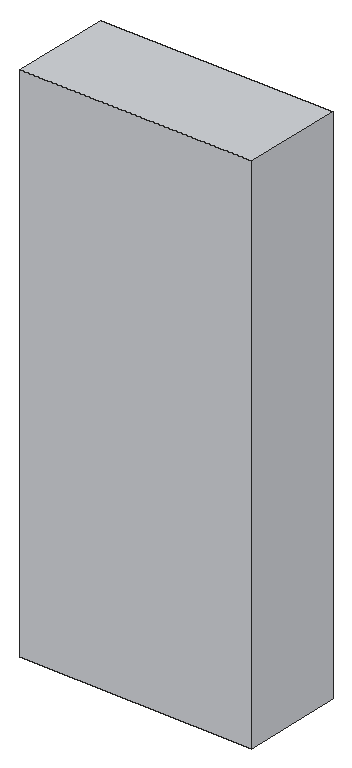
Revit family "EL_Emergency-Lighting-Inverter_Myers_Illuminator EM", category Electrical Equipment, host Face, Revit 2024
Family settings
  Host = Face
  Round Connector Dimension = Use Diameter
  Part Type = Other Panel
  Cut with Voids When Loaded = No
  Maintain Annotation Orientation = No
  Shared = No
  Room Calculation Point = No
Parameters (values of type "ELI-2.8kVA")
  WIDTH = 2' - 0 1/4"  # constant formula
  URL = "www.myerseps.com"
  Type Comments = "Emergency Lighting Inverter"  # constant formula
  SHARED WEIGHT = 603.00 lbf
  SHARED VOLTAGE [instance] = 120 V
  SHARED TYPE MARK = "EI-2.8 KVA"
  SHARED SPECIFICATION = "26 50 00 - Lighting"  # constant formula
  SHARED REMARK TYPE = "For floor mount: option -F. For wall-mount use option -W."  # constant formula
  SHARED REMARK INSTANT [instance] = ""
  SHARED APPARENT POWER = 2800 VA
  Model = "EM-4-S-B-10-05-T-M(BBM)-I"
  Manufacturer = "Myers"  # constant formula
  Keynote = ""
  HEIGHT INVERTER = 4' - 7"
  ELEVATION [instance] = 1' - 0"
  Description = "Emergency Lighting Inverter"  # constant formula
  Default Elevation = 0' - 0"
  DEPTH = 0' - 10 1/2"  # constant formula
  CLEARANCE TOP = 0' - 6"  # constant formula
  CLEARANCE SIDE = 0' - 2"  # constant formula
  CLEARANCE FRONT = 3' - 0"  # constant formula
Types (4): name | SHARED WEIGHT | SHARED TYPE MARK | SHARED APPARENT POWER | Model | HEIGHT INVERTER | ELEVATION
  ELI-2.8kVA | 603.00 lbf | "EI-2.8 KVA" | 2800 VA | "EM-4-S-B-10-05-T-M(BBM)-I" | 4' - 7" | 1' - 0"
  ELI-1.6kVA | 405.00 lbf | "EI-1.6 KVA" | 1600 VA | "EM-2-S-B-10-03-T-M(BBM)-I" | 3' - 7 1/4" | 0' - 0"
  ELI-2.2kVA | 494.00 lbf | "EI-2.2 KVA" | 2200 VA | "EM-3-S-B-10-04-T-M(BBM)-I" | 3' - 7 1/4" | 0' - 0"
  ELI-1.0kVA | 281.00 lbf | "EI-1 KVA" | 1000 VA | "EM-1-S-B-10-02-T-M(BBM)-I" | 2' - 3 1/2" | 0' - 0"
Reference planes (in)
  plane 1 "Center (Front/Back)": y = 0
  plane 2: z = 0
  plane 3 "Center (Left/Right)": x = 0
  plane 4 "FRONT": y = 10.5
  plane 5 "CLEARANCE FRONT": y = 46.5
  plane 6 "RIGHT": x = 12.125
  plane 7 "LEFT": x = -12.125
  plane 8 "CLEARANCE TOP": z = 73
  plane 9: x = -14.125
  plane 10: x = 14.125
  plane 11 "Bottom": z = 12
  plane 12 "TOP": z = 67
Forms (in)
  Extrusion 1, solid
    sketch origin (0, 0, 0) x (1, 0, 0) y (0, 1, 0)
      loop
        line (-12.125, 10.5) -> (-12.125, 0) -> (12.125, 0) -> (12.125, 10.5) -> (-12.125, 10.5)
    from 12 to 67
Lines and regions (in)
  symbolic lines, style "CLEARANCE"
    curve 1: line (-14.125, 46.5, 73) -> (14.125, 46.5, 73)
    curve 2: line (-14.125, 46.5, 0) -> (-14.125, 46.5, 73)
    curve 3: line (14.125, 46.5, 0) -> (-14.125, 46.5, 0)
    curve 4: line (14.125, 46.5, 73) -> (14.125, 46.5, 0)
  model lines, style "CLEARANCE"
    curve 5: line (-14.125, 46.5, 73) -> (14.125, 46.5, 73)
    curve 6: line (-14.125, 46.5, 0) -> (-14.125, 46.5, 73)
    curve 7: line (14.125, 46.5, 0) -> (-14.125, 46.5, 0)
    curve 8: line (14.125, 46.5, 73) -> (14.125, 46.5, 0)
    curve 9: line (-14.125, 10.5, 73) -> (14.125, 10.5, 73)
    curve 10: line (-14.125, 10.5, 0) -> (-14.125, 10.5, 73)
    curve 11: line (14.125, 10.5, 0) -> (-14.125, 10.5, 0)
    curve 12: line (14.125, 10.5, 73) -> (14.125, 10.5, 0)
    curve 13: line (-14.125, 46.5, 0) -> (-14.125, 10.5, 0)
    curve 14: line (14.125, 46.5, 0) -> (14.125, 10.5, 0)
    curve 15: line (-14.125, 46.5, 73) -> (-14.125, 10.5, 73)
    curve 16: line (14.125, 46.5, 73) -> (14.125, 10.5, 73)
Dimensions and locks (in)
  equal spacing: plane 7 "LEFT", plane 3 "Center (Left/Right)", plane 6 "RIGHT"
  "WIDTH": plane 7 "LEFT" to plane 6 "RIGHT"
  "DEPTH": plane 1 "Center (Front/Back)" to plane 4 "FRONT"
  "CLEARANCE FRONT": plane 5 "CLEARANCE FRONT" to plane 4 "FRONT"
  "CLEARANCE SIDE": plane 9 to plane 7 "LEFT"
  "CLEARANCE SIDE": plane 6 "RIGHT" to plane 10
  "HEIGHT INVERTER": plane 12 "TOP" to plane 11 "Bottom"
  "CLEARANCE TOP": plane 8 "CLEARANCE TOP" to plane 12 "TOP"
  "ELEVATION": plane 11 "Bottom" to plane 2
  aligned and locked: plane 2 to host face
  aligned and locked: level to host face
  aligned and locked: plane 4 "FRONT" to Extrusion 1
  aligned and locked: Extrusion 1 to plane 6 "RIGHT"
  aligned and locked: plane 7 "LEFT" to Extrusion 1
  aligned and locked: curve 1 to plane 8 "CLEARANCE TOP"
  aligned and locked: level to curve 3
  aligned and locked: curve 9 to plane 8 "CLEARANCE TOP"
  aligned and locked: level to curve 11
  aligned and locked: plane 5 "CLEARANCE FRONT" to curve 13
  aligned and locked: plane 4 "FRONT" to curve 13
  aligned and locked: plane 4 "FRONT" to curve 14
  aligned and locked: plane 5 "CLEARANCE FRONT" to curve 14
  aligned and locked: plane 5 "CLEARANCE FRONT" to curve 15
  aligned and locked: plane 4 "FRONT" to curve 15
  aligned and locked: plane 4 "FRONT" to curve 16
  aligned and locked: plane 5 "CLEARANCE FRONT" to curve 16
  aligned and locked: curve 13 to plane 9
  aligned and locked: curve 14 to plane 10
  aligned and locked: plane 5 "CLEARANCE FRONT" to curve 7
  aligned and locked: plane 10 to curve 7
  aligned and locked: plane 9 to curve 11
  aligned and locked: plane 10 to curve 11
  aligned and locked: plane 9 to curve 2
  aligned and locked: curve 4 to plane 10
  aligned and locked: plane 9 to curve 10
  aligned and locked: curve 12 to plane 10
  aligned and locked: plane 12 "TOP" to Extrusion 1
  aligned and locked: Extrusion 1 to plane 11 "Bottom"
Automatic sketch dimensions
  host sketch curve to host sketch curve = 8' - 0"  (x2)
  plane 1 "Center (Front/Back)" to Extrusion 1 sketch curve = 0' - 0"
  Extrusion 1 sketch curve to plane 3 "Center (Left/Right)" = 1' - 0 1/8"
  plane 3 "Center (Left/Right)" to Extrusion 1 sketch curve = 1' - 0 1/8"
  Extrusion 1 sketch curve to plane 1 "Center (Front/Back)" = 0' - 10 1/2"
  curve 16 to plane 6 "RIGHT" = 0' - 2"
  plane 7 "LEFT" to curve 15 = 0' - 2"
